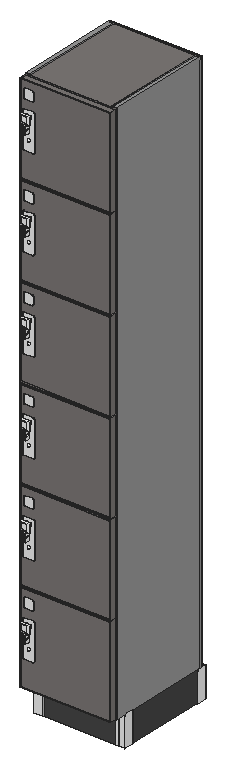
Revit family "Wood_Lockers_Hasps-Salsbury_Industries-46000_Series-1_Wide_Units", category Specialty Equipment, Revit 2024
Family settings
  Round Connector Dimension = Use Diameter
  Part Type = Normal
  OmniClass Number = 23.40.00.00
  OmniClass Title = Equipment and Furnishings
  Work Plane-Based = No
  Enable Cutting in Views = No
  Always vertical = Yes
  Cut with Voids When Loaded = No
  Maintain Annotation Orientation = No
  Shared = No
  Room Calculation Point = No
Parameters (values of type "46165")
  Width = 12.000"
  Version = "1.0 (01/31/24)"
  Unit Height including Sloping Hood Only [instance] = 77.743"
  Unit Height including Base Only [instance] = 76.000"
  URL = "www.lockers.com"
  Type Comments = "Premier Wood Lockers - Box Style - Six Tier - with Hasps"
  Total Doors Height [instance] = if(Unit Height = 72.000", 71.750", if(Unit Height = 60.000", 59.750", 0.000"))  # 71.750"
  Sloping Top Corner Filler - Right Side [instance] = Wood Locker Sloping Corner Fillers : None
  Sloping Top Corner Filler - Left Side [instance] = Wood Locker Sloping Corner Fillers : None
  Sloping In-Line Filler - Right Side [instance] = Wood Locker Sloping In-Line Fillers : None
  Sloping In-Line Filler - Left Side [instance] = Wood Locker Sloping In-Line Fillers : None
  Sloping Hood Height = if(Depth = 15.000", 5.743", if(Depth = 18.000", 6.868", if(Depth = 21.000", 7.993", if(Depth = 24.000", 9.118", 0.000"))))  # 5.743"
  Sloping Hood [instance] = Wood Locker Sloping Hoods : None
  Side Panel without Slope - Right Side [instance] = Wood Locker Side Panels-No Slope : None
  Side Panel without Slope - Left Side [instance] = Wood Locker Side Panels-No Slope : None
  Side Panel with Slope - Right Side [instance] = Wood Locker Side Panels-With Slope : None
  Side Panel with Slope - Left Side [instance] = Wood Locker Side Panels-With Slope : None
  Secondary Structure Materials = Particle Board Industrial Grade - Salsbury Finish - Black Melamine Overlay
  Primary Structure Materials = Particle Board Industrial Grade - Salsbury Finish - Plain
  Overall Unit Height including Base and Sloping Hood [instance] = 81.743"
  OmniClass 23 Title = "Equipment and Furnishings"
  OmniClass 23 Number = "23.40.00.00"
  Model = "46165"
  MasterFormat Title = "Lockers"
  MasterFormat Code = "10 51 23"
  Manufacturer = "Salsbury Industries"
  Laminate Surface [instance] = Industrial Grade Particleboard with Wood Laminate - Salsbury Finish - Skyline Walnut
  Interior Material = Textured Melamine - Salsbury Finish - White
  Individual Door Width [instance] = 11.875"
  Unit Height = 72.000"
  Individual Door Height = if(Unit Height = 72.000", 11.802", if(Unit Height = 60.000", 11.802", 0.000"))  # 11.802"
  Hardware = Aluminum - Salsbury Finish - Black Satin
  Front Vertical Filler - Right Side [instance] = Wood Locker Front Fillers : None
  Front Vertical Filler - Left Side [instance] = Wood Locker Front Fillers : None
  Front Corner Filler - Right Side [instance] = Wood Locker Front Corner Filler : None
  Front Corner Filler - Left Side [instance] = Wood Locker Front Corner Filler : None
  Flat Top In-Line Filler - Right Side [instance] = Wood Locker Flat In-Line Fillers : None
  Flat Top In-Line Filler - Left Side [instance] = Wood Locker Flat In-Line Fillers : None
  Flat Top Corner Filler - Right Side [instance] = Wood Locker Flat Corner Fillers : None
  Flat Top Corner Filler - Left Side [instance] = Wood Locker Flat Corner Fillers : None
  Fascia Filler [instance] = Wood Locker Fascia Fillers : None
  Double Side Panel without Slope - Right Side [instance] = Wood Locker Double Side Panels-No Slope : None
  Double Side Panel without Slope - Left Side [instance] = Wood Locker Double Side Panels-No Slope : None
  Double Side Panel with Slope - Right Side [instance] = Wood Locker Double Side Panels-With Slope : None
  Double Side Panel with Slope - Left Side [instance] = Wood Locker Double Side Panels-With Slope : None
  Door Location D1 = Premier Locker Doors_Hasp : Six Tier Door for Six Foot High Locker
  Description = "1 Wide - 6 Feet High - 15 inches Deep - with Base"
  Depth = 15.000"
  Default Elevation = 0.000"
  Compartment Width [instance] = 10.750"
  Compartment Height [instance] = if(Unit Height = 72.000", 11.125", if(Unit Height = 60.000", 11.100", 0.000"))  # 11.125"
  Compartment Depth [instance] = 13.750"
  Base Material = Particle Board Industrial Grade - Salsbury Finish - Black Melamine Overlay
  Base Height = 4.000"
  Base Depth [instance] = 13.250"
  Base = Wood Locker Bases : Base - 12" W x 15" D Lockers
  Assembly Code = "C1030310"
Reference planes (in)
  plane 1 "Center (Front/Back)": y = 0
  plane 2: z = 0
  plane 3 "Center (Left/Right)": x = 0
  plane 4 "Right Side of Unit": x = 6
  plane 5 "Left Side of Unit": x = -6
  plane 6 "Back of Unit": y = 7.5
  plane 7 "Front of Unit": y = -7.5
  plane 8 "Bottom of Base": z = 0
  plane 9 "Top Edge of Unit": z = 76
  plane 10 "Top of Base Edge": z = 4
  plane 11: z = 81.743
  plane 12 "Right Compartment Edge": x = 5.406
  plane 13 "Left Compartment Edge": x = -5.406
  plane 14 "Front Melamine Edge": y = -6.5
  plane 15 "Back Compartment Edge": y = 7.281
  plane 16 "Front Compartment Edge": y = -6.469
  plane 17 "Front Edge of Base": y = -5.125
  plane 18 "Bottom Edge of Door": z = 4.125
  plane 19 "Top Edge of Door": z = 75.875
  plane 20 "Bottom Compartment Edge": z = 4.75
  plane 21 "Top Compartment Edge": z = 75.25
  plane 22 "Center Top and Bottom": z = 40
  plane 23 "Left Melamine Edge": x = -5.375
  plane 24 "Right Melamine Edge": x = 5.375
  plane 25 "Back Melamine Edge": y = 7.25
  plane 26 "Left Edge of Door": x = -5.875
  plane 27: y = 8.125
  plane 28: y = -5.75
  plane 29 "Base / Ventillation Alignment": y = 8.125
  plane 30 "Compartment Shelf 5": z = 16.625
  plane 31: z = 15.875
  plane 32: z = 15.927
  plane 33: z = 16.115
  plane 34: z = 27.75
  plane 35 "Compartment Shelf 4": z = 28.5
  plane 36: z = 27.917
  plane 37: z = 28.105
  plane 38: z = 39.625
  plane 39 "Compartment Shelf 3": z = 40.375
  plane 40: z = 39.907
  plane 41: z = 40.095
  plane 42 "Compartment Shelf 2": z = 52.25
  plane 43: z = 51.5
  plane 44: z = 51.897
  plane 45: z = 52.085
  plane 46: z = 63.375
  plane 47 "Compartment Shelf 1": z = 64.125
  plane 48: z = 63.887
  plane 49: z = 64.075
Forms (in)
  Extrusion 1, solid, material "Particle Board Industrial Grade - Salsbury Finish - Plain" <- "Primary Structure Materials"
    sketch origin (6, 0, 0) x (0, -1, 0) y (0, 0, 1)
      loop
        line (6.469, 76) -> (-7.25, 76) -> (-7.25, 4) -> (6.469, 4) -> (6.469, 76)
    from 0 to 0.594
  Extrusion 2, solid, material "Particle Board Industrial Grade - Salsbury Finish - Plain" <- "Primary Structure Materials"
    sketch origin (-6, 0, 0) x (0, -1, 0) y (0, 0, 1)
      loop
        line (-7.25, 76) -> (-7.25, 4) -> (6.469, 4) -> (6.469, 76) -> (-7.25, 76)
    from 0 to -0.594
  Extrusion 3, solid, material "Textured Melamine - Salsbury Finish - White" <- "Interior Material"
    sketch origin (0, 0, 4) x (0, -1, 0) y (1, 0, 0)
      loop
        line (-7.25, -5.375) -> (6.469, -5.375) -> (6.469, 5.375) -> (-7.25, 5.375) -> (-7.25, -5.375)
    from 0 to 0.75
  Extrusion 4, solid, material "Industrial Grade Particleboard with Wood Laminate - Salsbury Finish - Skyline Walnut" <- "Laminate Surface"
    sketch origin (0.375, 0.375, 76) x (1, 0, 0) y (0, 1, 0)
      loop
        line (-5.75, -6.875) -> (5, -6.875) -> (5, 6.875) -> (-5.75, 6.875) -> (-5.75, -6.875)
    from 0 to -0.75
  Extrusion 5, solid, material "Particle Board Industrial Grade - Salsbury Finish - Plain" <- "Primary Structure Materials"
    sketch origin (0, 7.5, 0) x (1, 0, 0) y (0, 0, 1)
      loop
        line (-6, 76) -> (-6, 4) -> (6, 4) -> (6, 76) -> (-6, 76)
    from 0 to 0.219
  Extrusion 6, solid, material "Industrial Grade Particleboard with Wood Laminate - Salsbury Finish - Skyline Walnut" <- "Laminate Surface"
    sketch origin (0, -6.469, 0) x (1, 0, 0) y (0, 0, 1)
      loop
        line (-6, 76) -> (-6, 4) -> (-5.375, 4) -> (-5.375, 76) -> (-6, 76)
    from 0 to 0.031
  Extrusion 7, solid, material "Industrial Grade Particleboard with Wood Laminate - Salsbury Finish - Skyline Walnut" <- "Laminate Surface"
    sketch origin (0, -6.469, 0) x (-1, 0, 0) y (0, 0, -1)
      loop
        line (-6, -76) -> (-5.375, -76) -> (-5.375, -4) -> (-6, -4) -> (-6, -76)
    from 0 to 0.031
  Extrusion 8, solid, material "Textured Melamine - Salsbury Finish - White" <- "Interior Material"
    sketch origin (0, 7.25, 0) x (1, 0, 0) y (0, 0, 1)
      loop
        line (-6, 76) -> (-6, 4) -> (6, 4) -> (6, 76) -> (-6, 76)
    from -0.031 to 0
  Extrusion 9, solid, material "Textured Melamine - Salsbury Finish - White" <- "Interior Material"
    sketch origin (-5.406, 0, 0) x (0, -1, 0) y (0, 0, 1)
      loop
        line (-7.25, 76) -> (-7.25, 4) -> (6.469, 4) -> (6.469, 76) -> (-7.25, 76)
    from 0 to -0.031
  Extrusion 10, solid, material "Textured Melamine - Salsbury Finish - White" <- "Interior Material"
    sketch origin (5.406, 0, 0) x (0, -1, 0) y (0, 0, 1)
      loop
        line (6.469, 76) -> (-7.25, 76) -> (-7.25, 4) -> (6.469, 4) -> (6.469, 76)
    from 0 to 0.031
  Extrusion 11, solid, material "Textured Melamine - Salsbury Finish - White" <- "Interior Material", detail levels fine
    sketch origin (0, 0, 16.625) x (0, -1, 0) y (1, 0, 0)
      loop
        line (-7.25, -5.375) -> (6.469, -5.375) -> (6.469, 5.375) -> (-7.25, 5.375) -> (-7.25, -5.375)
    from 0 to -0.75
  Extrusion 12, solid, material "Textured Melamine - Salsbury Finish - White" <- "Interior Material", detail levels fine
    sketch origin (0, 0, 28.5) x (0, -1, 0) y (1, 0, 0)
      loop
        line (-7.25, -5.375) -> (6.469, -5.375) -> (6.469, 5.375) -> (-7.25, 5.375) -> (-7.25, -5.375)
    from 0 to -0.75
  Extrusion 13, solid, material "Textured Melamine - Salsbury Finish - White" <- "Interior Material", detail levels fine
    sketch origin (0, 0, 40.375) x (0, -1, 0) y (1, 0, 0)
      loop
        line (-7.25, -5.375) -> (6.469, -5.375) -> (6.469, 5.375) -> (-7.25, 5.375) -> (-7.25, -5.375)
    from 0 to -0.75
  Extrusion 14, solid, material "Textured Melamine - Salsbury Finish - White" <- "Interior Material", detail levels fine
    sketch origin (0, 0, 52.25) x (0, -1, 0) y (1, 0, 0)
      loop
        line (-7.25, -5.375) -> (6.469, -5.375) -> (6.469, 5.375) -> (-7.25, 5.375) -> (-7.25, -5.375)
    from 0 to -0.75
  Extrusion 15, solid, material "Textured Melamine - Salsbury Finish - White" <- "Interior Material", detail levels fine
    sketch origin (0, 0, 64.125) x (0, -1, 0) y (1, 0, 0)
      loop
        line (-7.25, -5.375) -> (6.469, -5.375) -> (6.469, 5.375) -> (-7.25, 5.375) -> (-7.25, -5.375)
    from 0 to -0.75
  Extrusion 16, solid, material "Industrial Grade Particleboard with Wood Laminate - Salsbury Finish - Skyline Walnut" <- "Laminate Surface"
    sketch origin (0, -6.5, 0) x (1, 0, 0) y (0, 0, 1)
      loop
        line (-5.375, 64.125) -> (-5.375, 63.375) -> (5.375, 63.375) -> (5.375, 64.125) -> (-5.375, 64.125)
    from 0 to -0.031
  Extrusion 17, solid, material "Industrial Grade Particleboard with Wood Laminate - Salsbury Finish - Skyline Walnut" <- "Laminate Surface"
    sketch origin (0, -6.5, 0) x (1, 0, 0) y (0, 0, 1)
      loop
        line (-5.375, 52.25) -> (-5.375, 51.5) -> (5.375, 51.5) -> (5.375, 52.25) -> (-5.375, 52.25)
    from 0 to -0.031
  Extrusion 18, solid, material "Industrial Grade Particleboard with Wood Laminate - Salsbury Finish - Skyline Walnut" <- "Laminate Surface"
    sketch origin (0, -6.5, 0) x (1, 0, 0) y (0, 0, 1)
      loop
        line (-5.375, 40.375) -> (-5.375, 39.625) -> (5.375, 39.625) -> (5.375, 40.375) -> (-5.375, 40.375)
    from 0 to -0.031
  Extrusion 19, solid, material "Industrial Grade Particleboard with Wood Laminate - Salsbury Finish - Skyline Walnut" <- "Laminate Surface"
    sketch origin (0, -6.5, 0) x (1, 0, 0) y (0, 0, 1)
      loop
        line (-5.375, 28.5) -> (-5.375, 27.75) -> (5.375, 27.75) -> (5.375, 28.5) -> (-5.375, 28.5)
    from 0 to -0.031
  Extrusion 20, solid, material "Industrial Grade Particleboard with Wood Laminate - Salsbury Finish - Skyline Walnut" <- "Laminate Surface"
    sketch origin (0, -6.5, 0) x (1, 0, 0) y (0, 0, 1)
      loop
        line (-5.375, 16.625) -> (-5.375, 15.875) -> (5.375, 15.875) -> (5.375, 16.625) -> (-5.375, 16.625)
    from 0 to -0.031
  Extrusion 21, solid, material "Industrial Grade Particleboard with Wood Laminate - Salsbury Finish - Skyline Walnut" <- "Laminate Surface"
    sketch origin (0, -6.5, 0) x (1, 0, 0) y (0, 0, 1)
      loop
        line (-5.375, 4.75) -> (-5.375, 4) -> (5.375, 4) -> (5.375, 4.75) -> (-5.375, 4.75)
    from 0 to -0.031
Lines and regions (in)
  symbolic lines
    curve 1: line (-6, 7.25, 76) -> (6.00006, 7.25, 76)
    curve 2: line (-6, 7.25, 0) -> (-6, 7.25, 76)
    curve 3: line (6.00006, 7.25, 76) -> (6.00006, 7.25, 0)
    curve 4: line (5.406, -6.5, 76) -> (5.406, 8.125, 76)
    curve 5: line (5.406, -6.5, 0) -> (5.406, -6.5, 76)
    curve 6: line (5.406, 8.125, 76) -> (5.406, 8.125, 0)
    curve 7: line (6.00006, 7.25, 0) -> (-6, 7.25, 0)
    curve 8: line (5.406, -5.125, 0) -> (5.406, 8.125, 0)
    curve 9: line (5.406, 8.125, 0) -> (5.406, -5.125, 0)
    curve 10: line (5.406, -6.5, 0) -> (5.406, 8.125, 0)
    curve 11: line (-6, 8.125, 0) -> (6, 8.125, 0)
    curve 12: line (-6, -6.5, 0) -> (-6, 8.125, 0)
    curve 13: line (6, -6.5, 0) -> (-6, -6.5, 0)
    curve 14: line (6, 8.125, 0) -> (6, -6.5, 0)
Dimensions and locks (in)
  equal spacing: plane 5 "Left Side of Unit", plane 3 "Center (Left/Right)", plane 4 "Right Side of Unit"
  "Width": plane 5 "Left Side of Unit" to plane 4 "Right Side of Unit"
  equal spacing: plane 7 "Front of Unit", plane 1 "Center (Front/Back)", plane 6 "Back of Unit"
  "Depth": plane 7 "Front of Unit" to plane 6 "Back of Unit"
  "Base Height": plane 10 "Top of Base Edge" to plane 8 "Bottom of Base"
  "Unit Height": plane 9 "Top Edge of Unit" to plane 10 "Top of Base Edge"
  "Sloping Hood Height": plane 11 to plane 9 "Top Edge of Unit"
  locked: plane 12 "Right Compartment Edge" to plane 4 "Right Side of Unit" at 0.594
  locked: plane 5 "Left Side of Unit" to plane 13 "Left Compartment Edge" at 0.594
  locked: plane 7 "Front of Unit" to plane 14 "Front Melamine Edge" at 1
  locked: plane 15 "Back Compartment Edge" to plane 6 "Back of Unit" at 0.219
  locked: plane 14 "Front Melamine Edge" to plane 16 "Front Compartment Edge" at 0.031
  plane 18 "Bottom Edge of Door" to plane 10 "Top of Base Edge" = 0.125"
  plane 9 "Top Edge of Unit" to plane 19 "Top Edge of Door" = 0.125"
  plane 20 "Bottom Compartment Edge" to plane 10 "Top of Base Edge" = 0.750"
  plane 9 "Top Edge of Unit" to plane 21 "Top Compartment Edge" = 0.750"
  equal spacing: plane 9 "Top Edge of Unit", plane 22 "Center Top and Bottom", plane 10 "Top of Base Edge"
  locked: plane 24 "Right Melamine Edge" to plane 12 "Right Compartment Edge" at 0.031
  locked: plane 13 "Left Compartment Edge" to plane 23 "Left Melamine Edge" at 0.031
  locked: plane 25 "Back Melamine Edge" to plane 15 "Back Compartment Edge" at 0.031
  locked: plane 5 "Left Side of Unit" to plane 26 "Left Edge of Door" at 0.125
  "Individual Door Width": plane 26 "Left Edge of Door" to plane 4 "Right Side of Unit"
  "Total Doors Height": plane 19 "Top Edge of Door" to plane 18 "Bottom Edge of Door"
  "Unit Height including Base Only": plane 9 "Top Edge of Unit" to plane 8 "Bottom of Base"
  "Unit Height including Sloping Hood Only": plane 11 to plane 10 "Top of Base Edge"
  "Overall Unit Height including Base and Sloping Hood": plane 11 to plane 8 "Bottom of Base"
  locked: plane 7 "Front of Unit" to plane 17 "Front Edge of Base" at 2.375
  locked: plane 6 "Back of Unit" to plane 27 at 0.625
  "Base Depth": plane 17 "Front Edge of Base" to plane 27
  "Compartment Width": plane 23 "Left Melamine Edge" to plane 24 "Right Melamine Edge"
  "Compartment Height": plane 31 to plane 20 "Bottom Compartment Edge"
  "Compartment Depth": plane 14 "Front Melamine Edge" to plane 25 "Back Melamine Edge"
  locked: plane 14 "Front Melamine Edge" to plane 28 at 0.75
  plane 14 "Front Melamine Edge" to plane 27 = 14.625"
  Extrusion 2 to Extrusion 9 = 13.719"
  plane 6 "Back of Unit" to plane 29 "Base / Ventillation Alignment" = 0.625"
  locked: plane 30 "Compartment Shelf 5" to plane 31 at 0.75
  locked: plane 33 to plane 32 at 0.188
  "Individual Door Height": plane 32 to plane 18 "Bottom Edge of Door"
  locked: plane 35 "Compartment Shelf 4" to plane 34 at 0.75
  locked: plane 37 to plane 36 at 0.188
  "Compartment Height": plane 34 to plane 30 "Compartment Shelf 5"
  "Individual Door Height": plane 36 to plane 33
  locked: plane 39 "Compartment Shelf 3" to plane 38 at 0.75
  locked: plane 41 to plane 40 at 0.188
  "Compartment Height": plane 38 to plane 35 "Compartment Shelf 4"
  "Individual Door Height": plane 40 to plane 37
  locked: plane 49 to plane 48 at 0.188
  locked: plane 47 "Compartment Shelf 1" to plane 46 at 0.75
  locked: plane 42 "Compartment Shelf 2" to plane 43 at 0.75
  locked: plane 45 to plane 44 at 0.188
  "Compartment Height": plane 43 to plane 39 "Compartment Shelf 3"
  "Compartment Height": plane 46 to plane 42 "Compartment Shelf 2"
  "Individual Door Height": plane 44 to plane 41
  "Individual Door Height": plane 48 to plane 45
  nested 6 to plane 20 "Bottom Compartment Edge" = 70.500"
  aligned and locked: level to plane 2
  aligned and locked: plane 15 "Back Compartment Edge" to Extrusion 5
  aligned and locked: plane 4 "Right Side of Unit" to nested 1
  aligned and locked: plane 18 "Bottom Edge of Door" to nested 1
  aligned and locked: plane 7 "Front of Unit" to nested 1
  aligned and locked: plane 9 "Top Edge of Unit" to nested 2
  aligned and locked: plane 14 "Front Melamine Edge" to nested 2
  aligned and locked: plane 5 "Left Side of Unit" to nested 3
  aligned and locked: plane 14 "Front Melamine Edge" to nested 3
  aligned and locked: plane 9 "Top Edge of Unit" to nested 3
  aligned and locked: plane 4 "Right Side of Unit" to nested 4
  aligned and locked: nested 4 to plane 9 "Top Edge of Unit"
  aligned and locked: nested 4 to plane 14 "Front Melamine Edge"
  aligned and locked: plane 9 "Top Edge of Unit" to nested 5
  aligned and locked: plane 28 to nested 5
  aligned and locked: nested 6 to plane 28
  aligned and locked: plane 5 "Left Side of Unit" to nested 6
  aligned and locked: plane 4 "Right Side of Unit" to nested 5
  aligned and locked: nested 6 to plane 9 "Top Edge of Unit"
  aligned and locked: nested 8 to plane 5 "Left Side of Unit"
  aligned and locked: nested 7 to plane 4 "Right Side of Unit"
  aligned and locked: plane 14 "Front Melamine Edge" to nested 7
  aligned and locked: nested 8 to plane 14 "Front Melamine Edge"
  aligned and locked: plane 10 "Top of Base Edge" to nested 7
  aligned and locked: nested 8 to plane 10 "Top of Base Edge"
  aligned and locked: plane 5 "Left Side of Unit" to nested 9
  aligned and locked: plane 4 "Right Side of Unit" to nested 10
  aligned and locked: nested 10 to plane 10 "Top of Base Edge"
  aligned and locked: plane 10 "Top of Base Edge" to nested 9
  aligned and locked: plane 16 "Front Compartment Edge" to nested 10
  aligned and locked: nested 9 to plane 14 "Front Melamine Edge"
  aligned and locked: plane 4 "Right Side of Unit" to nested 11
  aligned and locked: nested 11 to plane 10 "Top of Base Edge"
  aligned and locked: plane 14 "Front Melamine Edge" to nested 11
  aligned and locked: plane 14 "Front Melamine Edge" to nested 12
  aligned and locked: nested 12 to nested 4
  aligned and locked: plane 10 "Top of Base Edge" to nested 12
  aligned and locked: nested 13 to plane 5 "Left Side of Unit"
  aligned and locked: nested 13 to plane 14 "Front Melamine Edge"
  aligned and locked: nested 13 to plane 10 "Top of Base Edge"
  aligned and locked: plane 14 "Front Melamine Edge" to nested 14
  aligned and locked: nested 14 to plane 4 "Right Side of Unit"
  aligned and locked: nested 15 to plane 14 "Front Melamine Edge"
  aligned and locked: nested 15 to plane 5 "Left Side of Unit"
  aligned and locked: plane 10 "Top of Base Edge" to nested 14
  aligned and locked: nested 15 to plane 10 "Top of Base Edge"
  aligned and locked: plane 14 "Front Melamine Edge" to nested 16
  aligned and locked: plane 4 "Right Side of Unit" to nested 16
  aligned and locked: nested 17 to plane 14 "Front Melamine Edge"
  aligned and locked: plane 5 "Left Side of Unit" to nested 17
  aligned and locked: nested 16 to plane 8 "Bottom of Base"
  aligned and locked: nested 17 to plane 8 "Bottom of Base"
  aligned and locked: nested 18 to plane 5 "Left Side of Unit"
  aligned and locked: nested 19 to plane 4 "Right Side of Unit"
  aligned and locked: nested 19 to plane 14 "Front Melamine Edge"
  aligned and locked: plane 14 "Front Melamine Edge" to nested 18
  aligned and locked: plane 8 "Bottom of Base" to nested 19
  aligned and locked: nested 18 to plane 8 "Bottom of Base"
  aligned and locked: plane 17 "Front Edge of Base" to nested 20
  aligned and locked: plane 9 "Top Edge of Unit" to nested 21
  aligned and locked: plane 5 "Left Side of Unit" to nested 21
  aligned and locked: nested 22 to plane 9 "Top Edge of Unit"
  aligned and locked: plane 4 "Right Side of Unit" to nested 22
  aligned and locked: nested 22 to plane 14 "Front Melamine Edge"
  aligned and locked: nested 21 to plane 14 "Front Melamine Edge"
  aligned and locked: nested 24 to plane 9 "Top Edge of Unit"
  aligned and locked: plane 4 "Right Side of Unit" to nested 24
  aligned and locked: nested 23 to plane 9 "Top Edge of Unit"
  aligned and locked: plane 5 "Left Side of Unit" to nested 23
  aligned and locked: nested 24 to plane 28
  aligned and locked: nested 23 to plane 28
  aligned and locked: plane 14 "Front Melamine Edge" to nested 25
  aligned and locked: plane 9 "Top Edge of Unit" to nested 25
  aligned and locked: plane 8 "Bottom of Base" to nested 20
  aligned and locked: plane 3 "Center (Left/Right)" to nested 20
  aligned and locked: plane 25 "Back Melamine Edge" to Extrusion 3 sketch curve
  aligned and locked: Extrusion 3 sketch curve to plane 23 "Left Melamine Edge"
  aligned and locked: plane 24 "Right Melamine Edge" to Extrusion 3 sketch curve
  aligned and locked: Extrusion 4 to plane 9 "Top Edge of Unit"
  aligned and locked: plane 21 "Top Compartment Edge" to Extrusion 4
  aligned and locked: Extrusion 2 sketch curve to plane 9 "Top Edge of Unit"
  aligned and locked: plane 16 "Front Compartment Edge" to Extrusion 2 sketch curve
  aligned and locked: Extrusion 2 sketch curve to plane 25 "Back Melamine Edge"
  aligned and locked: plane 10 "Top of Base Edge" to Extrusion 2 sketch curve
  aligned and locked: Extrusion 2 to plane 13 "Left Compartment Edge"
  aligned and locked: plane 5 "Left Side of Unit" to Extrusion 2
  aligned and locked: plane 10 "Top of Base Edge" to Extrusion 9 sketch curve
  aligned and locked: Extrusion 9 sketch curve to plane 25 "Back Melamine Edge"
  aligned and locked: Extrusion 9 sketch curve to plane 9 "Top Edge of Unit"
  aligned and locked: Extrusion 1 sketch curve to plane 16 "Front Compartment Edge"
  aligned and locked: plane 9 "Top Edge of Unit" to Extrusion 1 sketch curve
  aligned and locked: Extrusion 1 sketch curve to plane 10 "Top of Base Edge"
  aligned and locked: plane 25 "Back Melamine Edge" to Extrusion 1 sketch curve
  aligned and locked: Extrusion 1 to plane 4 "Right Side of Unit"
  aligned and locked: plane 12 "Right Compartment Edge" to Extrusion 1
  aligned and locked: Extrusion 10 sketch curve to plane 10 "Top of Base Edge"
  aligned and locked: plane 25 "Back Melamine Edge" to Extrusion 10 sketch curve
  aligned and locked: Extrusion 10 sketch curve to plane 16 "Front Compartment Edge"
  aligned and locked: plane 9 "Top Edge of Unit" to Extrusion 10 sketch curve
  aligned and locked: Extrusion 10 to plane 12 "Right Compartment Edge"
  aligned and locked: plane 24 "Right Melamine Edge" to Extrusion 10
  aligned and locked: Extrusion 8 sketch curve to plane 10 "Top of Base Edge"
  aligned and locked: plane 4 "Right Side of Unit" to Extrusion 8 sketch curve
  aligned and locked: plane 9 "Top Edge of Unit" to Extrusion 8 sketch curve
  aligned and locked: Extrusion 8 sketch curve to plane 5 "Left Side of Unit"
  aligned and locked: Extrusion 8 to plane 15 "Back Compartment Edge"
  aligned and locked: plane 25 "Back Melamine Edge" to Extrusion 8
  aligned and locked: plane 9 "Top Edge of Unit" to Extrusion 5 sketch curve
  aligned and locked: Extrusion 5 sketch curve to plane 5 "Left Side of Unit"
  aligned and locked: Extrusion 5 sketch curve to plane 10 "Top of Base Edge"
  aligned and locked: plane 4 "Right Side of Unit" to Extrusion 5 sketch curve
  aligned and locked: Extrusion 7 sketch curve to plane 9 "Top Edge of Unit"
  aligned and locked: Extrusion 7 sketch curve to plane 4 "Right Side of Unit"
  aligned and locked: plane 24 "Right Melamine Edge" to Extrusion 7 sketch curve
  aligned and locked: plane 10 "Top of Base Edge" to Extrusion 7 sketch curve
  aligned and locked: Extrusion 7 to plane 16 "Front Compartment Edge"
  aligned and locked: plane 14 "Front Melamine Edge" to Extrusion 7
  aligned and locked: Extrusion 6 sketch curve to plane 10 "Top of Base Edge"
  aligned and locked: plane 23 "Left Melamine Edge" to Extrusion 6 sketch curve
  aligned and locked: Extrusion 6 sketch curve to plane 5 "Left Side of Unit"
  aligned and locked: plane 9 "Top Edge of Unit" to Extrusion 6 sketch curve
  aligned and locked: Extrusion 6 to plane 16 "Front Compartment Edge"
  aligned and locked: plane 14 "Front Melamine Edge" to Extrusion 6
  aligned and locked: plane 16 "Front Compartment Edge" to Extrusion 9
  aligned and locked: plane 13 "Left Compartment Edge" to Extrusion 9
  aligned and locked: nested 3 to curve 1
  aligned and locked: curve 2 to nested 17
  aligned and locked: curve 4 to nested 2
  aligned and locked: nested 16 to curve 5
  aligned and locked: curve 9 to nested 20
  aligned and locked: curve 10 to nested 16
  aligned and locked: curve 13 to plane 14 "Front Melamine Edge"
  aligned and locked: curve 12 to plane 5 "Left Side of Unit"
  aligned and locked: plane 29 "Base / Ventillation Alignment" to curve 11
  aligned and locked: plane 3 "Center (Left/Right)" to nested 2
  aligned and locked: plane 3 "Center (Left/Right)" to nested 25
  aligned and locked: plane 29 "Base / Ventillation Alignment" to curve 6
  aligned and locked: plane 25 "Back Melamine Edge" to Extrusion 11 sketch curve
  aligned and locked: Extrusion 11 sketch curve to plane 23 "Left Melamine Edge"
  aligned and locked: plane 24 "Right Melamine Edge" to Extrusion 11 sketch curve
  aligned and locked: plane 25 "Back Melamine Edge" to Extrusion 12 sketch curve
  aligned and locked: plane 24 "Right Melamine Edge" to Extrusion 12 sketch curve
  aligned and locked: Extrusion 12 sketch curve to plane 23 "Left Melamine Edge"
  aligned and locked: plane 33 to nested 26
  aligned and locked: plane 4 "Right Side of Unit" to nested 26
  aligned and locked: plane 4 "Right Side of Unit" to nested 27
  aligned and locked: plane 37 to nested 27
  aligned and locked: plane 7 "Front of Unit" to nested 27
  aligned and locked: plane 7 "Front of Unit" to nested 26
  aligned and locked: plane 25 "Back Melamine Edge" to Extrusion 13 sketch curve
  aligned and locked: plane 24 "Right Melamine Edge" to Extrusion 13 sketch curve
  aligned and locked: Extrusion 13 sketch curve to plane 23 "Left Melamine Edge"
  aligned and locked: plane 41 to nested 28
  aligned and locked: plane 4 "Right Side of Unit" to nested 28
  aligned and locked: plane 7 "Front of Unit" to nested 28
  aligned and locked: plane 25 "Back Melamine Edge" to Extrusion 14 sketch curve
  aligned and locked: plane 24 "Right Melamine Edge" to Extrusion 14 sketch curve
  aligned and locked: Extrusion 14 sketch curve to plane 23 "Left Melamine Edge"
  aligned and locked: plane 25 "Back Melamine Edge" to Extrusion 15 sketch curve
  aligned and locked: plane 24 "Right Melamine Edge" to Extrusion 15 sketch curve
  aligned and locked: Extrusion 15 sketch curve to plane 23 "Left Melamine Edge"
  aligned and locked: plane 7 "Front of Unit" to nested 30
  aligned and locked: plane 7 "Front of Unit" to nested 29
  aligned and locked: plane 45 to nested 29
  aligned and locked: plane 49 to nested 30
  aligned and locked: plane 4 "Right Side of Unit" to nested 30
  aligned and locked: plane 4 "Right Side of Unit" to nested 29
  aligned and locked: plane 14 "Front Melamine Edge" to Extrusion 4
  aligned and locked: plane 16 "Front Compartment Edge" to Extrusion 15
  aligned and locked: plane 16 "Front Compartment Edge" to Extrusion 14
  aligned and locked: plane 16 "Front Compartment Edge" to Extrusion 13
  aligned and locked: plane 16 "Front Compartment Edge" to Extrusion 12
  aligned and locked: plane 16 "Front Compartment Edge" to Extrusion 11
  aligned and locked: plane 16 "Front Compartment Edge" to Extrusion 3
  aligned and locked: Extrusion 16 sketch curve to Extrusion 15  (x4)
  aligned and locked: plane 14 "Front Melamine Edge" to Extrusion 16
  aligned and locked: Extrusion 16 to plane 16 "Front Compartment Edge"
  aligned and locked: Extrusion 17 sketch curve to Extrusion 14  (x4)
  aligned and locked: plane 14 "Front Melamine Edge" to Extrusion 17
  aligned and locked: Extrusion 17 to plane 16 "Front Compartment Edge"
  aligned and locked: Extrusion 18 sketch curve to Extrusion 13  (x4)
  aligned and locked: plane 14 "Front Melamine Edge" to Extrusion 18
  aligned and locked: Extrusion 18 to plane 16 "Front Compartment Edge"
  aligned and locked: Extrusion 19 sketch curve to Extrusion 12  (x4)
  aligned and locked: plane 14 "Front Melamine Edge" to Extrusion 19
  aligned and locked: Extrusion 19 to plane 16 "Front Compartment Edge"
  aligned and locked: Extrusion 20 sketch curve to Extrusion 11  (x4)
  aligned and locked: plane 14 "Front Melamine Edge" to Extrusion 20
  aligned and locked: Extrusion 20 to plane 16 "Front Compartment Edge"
  aligned and locked: Extrusion 21 sketch curve to Extrusion 3  (x3)
  aligned and locked: Extrusion 7 to Extrusion 21 sketch curve
  aligned and locked: plane 14 "Front Melamine Edge" to Extrusion 21
  aligned and locked: Extrusion 21 to plane 16 "Front Compartment Edge"
Automatic sketch dimensions
  Extrusion 9 sketch curve to plane 16 "Front Compartment Edge" = 0.000"
  curve 3 to level = 0.000"
  curve 3 to plane 4 "Right Side of Unit" = 0.00006"
  curve 8 to plane 17 "Front Edge of Base" = 0.000"
  curve 9 to plane 17 "Front Edge of Base" = 0.000"
  curve 13 to plane 4 "Right Side of Unit" = 0.000"
  Extrusion 4 sketch curve to plane 5 "Left Side of Unit" = 0.625"
  plane 17 "Front Edge of Base" to Extrusion 4 sketch curve = 1.375"
  plane 4 "Right Side of Unit" to Extrusion 4 sketch curve = 0.625"
  plane 25 "Back Melamine Edge" to Extrusion 4 sketch curve = 0.000"
  Extrusion 15 sketch curve to plane 14 "Front Melamine Edge" = 0.031"
  Extrusion 14 sketch curve to plane 14 "Front Melamine Edge" = 0.031"
  Extrusion 13 sketch curve to plane 14 "Front Melamine Edge" = 0.031"
  Extrusion 12 sketch curve to plane 14 "Front Melamine Edge" = 0.031"
  Extrusion 11 sketch curve to plane 14 "Front Melamine Edge" = 0.031"
  Extrusion 3 sketch curve to plane 14 "Front Melamine Edge" = 0.031"
Nested families (in)
  nested 1: "Premier Locker Doors_Hasp" at (0.0625, -7.125, 4.125), type <- "Door Location D1", type "Six Tier Door for Six Foot High Locker"
  nested 2: "Wood Locker Sloping Hoods" at (0, 0.8125, 76), type <- "Sloping Hood", type "None"
  nested 3: "Wood Locker Sloping Corner Fillers" at (-15.25, 0.5, 76), type <- "Sloping Top Corner Filler - Left Side", type "None"
  nested 4: "Wood Locker Sloping Corner Fillers" at (15.25, 0.5, 76) x (-1, 0, 0) z (0, 0, 1), type <- "Sloping Top Corner Filler - Right Side", type "None"
  nested 5: "Wood Locker Flat Corner Fillers" at (13.5, -2.125, 75.25), type <- "Flat Top Corner Filler - Right Side", type "None"
  nested 6: "Wood Locker Flat Corner Fillers" at (-13.5, -2.125, 75.25) x (-1, 0, 0) z (0, 0, 1), type <- "Flat Top Corner Filler - Left Side", type "None"
  nested 7: "Wood Locker Side Panels-No Slope" at (6.375, 0.5, 4) x (0, 1, 0) z (0, 0, 1), type <- "Side Panel without Slope - Right Side", type "None"
  nested 8: "Wood Locker Side Panels-No Slope" at (-6.375, 0.5, 4) x (0, 1, 0) z (0, 0, 1), type <- "Side Panel without Slope - Left Side", type "None"
  nested 9: "Wood Locker Side Panels-With Slope" at (-6.375, 0.5, 4) x (0, -1, 0) z (0, 0, 1), type <- "Side Panel with Slope - Left Side", type "None"
  nested 10: "Wood Locker Side Panels-With Slope" at (6.375, 0.531, 4) x (0, -1, 0) z (0, 0, 1), type <- "Side Panel with Slope - Right Side", type "None"
  nested 11: "Wood Locker Side Panels-With Slope" at (6.375, 0.5, 4) x (0, -1, 0) z (0, 0, 1), type <- "Side Panel with Slope - Right Side", type "None"
  nested 12: "Wood Locker Double Side Panels-No Slope" at (6.375, 0.5, 4) x (0, 1, 0) z (0, 0, 1), type <- "Double Side Panel without Slope - Right Side", type "None"
  nested 13: "Wood Locker Double Side Panels-No Slope" at (-6.375, 0.5, 4) x (0, 1, 0) z (0, 0, 1), type <- "Double Side Panel without Slope - Left Side", type "None"
  nested 14: "Wood Locker Double Side Panels-With Slope" at (6.375, 0.5, 4) x (0, 1, 0) z (0, 0, 1), type <- "Double Side Panel with Slope - Right Side", type "None"
  nested 15: "Wood Locker Double Side Panels-With Slope" at (-6.375, 0.5, 4) x (0, 1, 0) z (0, 0, 1), type <- "Double Side Panel with Slope - Left Side", type "None"
  nested 16: "Wood Locker Front Fillers" at (13.5, -6.125, 0), type <- "Front Vertical Filler - Right Side", type "None"
  nested 17: "Wood Locker Front Fillers" at (-13.5, -6.125, 0) x (-1, 0, 0) z (0, 0, 1), type <- "Front Vertical Filler - Left Side", type "None"
  nested 18: "Wood Locker Front Corner Filler" at (-7.125, -6.125, 0), type <- "Front Corner Filler - Left Side", type "None"
  nested 19: "Wood Locker Front Corner Filler" at (7.125, -6.125, 0) x (-1, 0, 0) z (0, 0, 1), type <- "Front Corner Filler - Right Side", type "None"
  nested 20: "Wood Locker Bases" at (0, 1.5, 0), type <- "Base", type "Base - 12" W x 15" D Lockers"
  nested 21: "Wood Locker Sloping In-Line Fillers" at (-12, 0.5, 76), type <- "Sloping In-Line Filler - Left Side", type "None"
  nested 22: "Wood Locker Sloping In-Line Fillers" at (12, 0.5, 76) x (-1, 0, 0) z (0, 0, 1), type <- "Sloping In-Line Filler - Right Side", type "None"
  nested 23: "Wood Locker Flat In-Line Fillers" at (-13.5, 0.875, 75.25), type <- "Flat Top In-Line Filler - Left Side", type "None"
  nested 24: "Wood Locker Flat In-Line Fillers" at (13.5, 0.875, 75.25) x (-1, 0, 0) z (0, 0, 1), type <- "Flat Top In-Line Filler - Right Side", type "None"
  nested 25: "Wood Locker Fascia Fillers" at (0, -6.125, 76), type <- "Fascia Filler", type "None"
  nested 26: "Premier Locker Doors_Hasp" at (0.0625, -7.125, 16.115), type <- "Door Location D1", type "Six Tier Door for Six Foot High Locker"
  nested 27: "Premier Locker Doors_Hasp" at (0.0625, -7.125, 28.105), type <- "Door Location D1", type "Six Tier Door for Six Foot High Locker"
  nested 28: "Premier Locker Doors_Hasp" at (0.0625, -7.125, 40.095), type <- "Door Location D1", type "Six Tier Door for Six Foot High Locker"
  nested 29: "Premier Locker Doors_Hasp" at (0.0625, -7.125, 52.085), type <- "Door Location D1", type "Six Tier Door for Six Foot High Locker"
  nested 30: "Premier Locker Doors_Hasp" at (0.0625, -7.125, 64.075), type <- "Door Location D1", type "Six Tier Door for Six Foot High Locker"
Definition of nested family "Premier Locker Doors_Hasp"
  Parameters (values of type "Single Tier Door for Six Foot High Locker")
    Width = 11.875"
    Visible Number Plates = yes
    Visible Center Hinge = yes
    Primary Structure Materials = none
    Number Tag-Vertical Offset = 31.625"
    Number Tag-Horizontal Offset = 10.750"
    Number Tag Width = 1.250"
    Number Tag Height = 1.250"
    Model = "Premier Locker Doors"
    Manufacturer = "Salsbury Industries"
    Lock Width = 1.500"
    Lock Height = 4.875"
    Laminate Surface = none
    Height = 71.750"
    Lock Vertical Offset = 35.875"
    Lock Horizontal Offset = 0.375"
    Door Trim = none
    Door Hasps = none
    Depth = 0.750"
    Default Elevation = 48.000"
  Types (8): name | Visible Center Hinge | Number Tag-Vertical Offset | Height | Lock Vertical Offset
    Single Tier Door for Six Foot High Locker | yes | 31.625" | 71.750" | 35.875"
    Double Tier Door-1 for Six Foot High Locker | no | 27.641" | 35.781" | 31.891"
    Double Tier Door-2 for Six Foot High Locker | yes | 2.078" | 35.781" | 6.328"
    Triple Tier Door-1 for Six Foot High Locker | no | 15.651" | 23.791" | 19.901"
    Triple Tier Door-2 for Six Foot High Locker | no | 7.646" | 23.791" | 11.896"
    Triple Tier Door-3 for Six Foot High Locker | no | 2.078" | 23.791" | 6.328"
    Four Tier Door for Six Foot High Locker | no | 4.647" | 17.796" | 8.897"
    Six Tier Door for Six Foot High Locker | no | 1.650" | 11.801" | 5.900"
  Reference planes (in)
    plane 1 "Center (Front/Back)": y = 0
    plane 2: z = 0
    plane 3 "Center (Left/Right)": x = 0
    plane 4 "Left Side of Door": x = -5.9375
    plane 5 "Right Side of Door": x = 5.9375
    plane 6 "Back of Door": y = 0.375
    plane 7 "Front of Door": y = -0.375
    plane 8 "Bottom of Door": z = 0
    plane 9 "Top of Door": z = 71.75
    plane 10 "Center of Door": z = 35.875
    plane 11 "Top of Number Tag": z = 40.75
    plane 12 "Bottom of Number Tag": z = 39.5
    plane 13 "Left Side of Number Tag": x = -5.4375
    plane 14 "Right Side of Number Tag": x = -4.1875
    plane 15 "Horizontal Center of Number Tag": x = -4.8125
    plane 16 "Center of Number Tag": z = 40.125
    plane 17 "Left Side of Lock": x = -5.5625
    plane 18 "Right Side of Lock": x = -4.0625
    plane 19 "Lock Vertical Center": z = 35.875
    plane 20 "Top of Lock": z = 38.3125
    plane 21 "Bottom of Lock": z = 33.4375
    plane 22 "Front of Hasp Stud": y = -0.5
    plane 23 "Left Side of Door-Right Side of Trim": x = -5.8125
    plane 24 "Right Side of Door-Left Side of Trim": x = 5.8125
    plane 25 "Top of Door-Bottom of Trim": z = 71.625
    plane 26 "Bottom of Door-Top of Trim": z = 0.125
    plane 27 "Laminate-Particleboard Line": y = -0.344
    plane 28 "Melamine-Particleboard Line": y = 0.344
    plane 29 "Back of Number Plate Inset": y = -0.313
    plane 30 "Center of Lock": x = -4.8125
    plane 31: y = -0.188
    plane 32 "Door Stopper Plane": y = 0.625
    plane 33: x = -5.4875
    plane 34: z = 71.3
    plane 35 "Top Hinge": z = 68.75
    plane 36: x = 5.3125
    plane 37 "Bottom Hinge": z = 3
    plane 38 "Inner Knob": y = -1.094
    plane 39 "Front of Knob": y = -1.125
    plane 40: z = 37.1875
    plane 41: z = 34.5625
    plane 42: z = 38.1875
    plane 43: x = -4.1875
    plane 44: x = -5.4375
    plane 45: z = 36.9375
    plane 46 "Top of Hole": z = 36.8125
    plane 47: x = -4.6245
    plane 48: x = -5.0005
    plane 49 "Bottom of Hole": z = 35.5625
    plane 50 "Stud Alignment": z = 34.8125
    plane 51 "Center of Handle": z = 37.5625
    plane 52: z = 37.7505
    plane 53: z = 37.3745
    plane 54: z = 37.96546
    plane 55: z = 37.15954
    plane 56 "Front of Latch": y = -1
    plane 57: z = 36.6844
    plane 58: z = 35.6844
    plane 59: z = 36.1844
    plane 60: x = 5.3435
    plane 61: z = 36.6245
    plane 62: z = 35.74816
  Forms (in)
    Extrusion 1, solid, detail levels fine
      sketch origin (0, 0, 0) x (1, 0, 0) y (0, 0, 1)
        loop
          line (-5.9065, 0.031) -> (5.9065, 0.031) -> (5.9065, 71.719) -> (-5.9065, 71.719) -> (-5.9065, 0.031)
      from -0.344 to 0.344
    Extrusion 2, solid, material <- "Laminate Surface", detail levels fine
      sketch origin (0, 0.375, 0) x (1, 0, 0) y (0, 0, 1)
        loop
          line (-5.9065, 0.031) -> (5.9065, 0.031) -> (5.9065, 71.719) -> (-5.9065, 71.719) -> (-5.9065, 0.031)
      from 0.031 to 0
    Extrusion 3, solid, material <- "Laminate Surface"
      sketch origin (0, -0.375, 0) x (1, 0, 0) y (0, 0, 1)
        loop
          line (-5.9065, 0.031) -> (5.9065, 0.031) -> (5.9065, 71.719) -> (-5.9065, 71.719) -> (-5.9065, 0.031)
      from 0 to -0.031
    Sweep 4, solid, material <- "Door Trim"
      path origin (0, 0, 0) x (1, 0, 0) y (0, 0, 1)
        loop
          line (5.8125, 71.625) -> (-5.8125, 71.625) -> (-5.8125, 0.125) -> (5.8125, 0.125) -> (5.8125, 71.625)
      profile origin (0, 0, 71.625) x (0, 0, -1) y (0, -1, 0)
        loop
          line (-0.125, 0.375) -> (-0.125, -0.375) -> (-0.094, -0.375) -> (-0.094, 0.375) -> (-0.125, 0.375)
    Extrusion 5, void
      sketch origin (-1.875, -0.313, 0) x (1, 0, 0) y (0, 0, 1)
        loop
          arc (-3.41334, 40.75) -> (-3.51881, 40.70631) -> (-3.5625, 40.60084) r 0.14916
          line (-3.5625, 40.60084) -> (-3.5625, 39.64916)
          arc (-3.5625, 39.64916) -> (-3.51881, 39.54369) -> (-3.41334, 39.5) r 0.14916
          line (-3.41334, 39.5) -> (-2.46166, 39.5)
          arc (-2.46166, 39.5) -> (-2.35619, 39.54369) -> (-2.3125, 39.64916) r 0.14916
          line (-2.3125, 39.64916) -> (-2.3125, 40.60084)
          arc (-2.3125, 40.60084) -> (-2.35619, 40.70631) -> (-2.46166, 40.75) r 0.14916
          line (-2.46166, 40.75) -> (-3.41334, 40.75)
      from 0 to 0.062
    Extrusion 6, solid, visible <- "Visible Number Plates", detail levels medium+fine
      sketch origin (-1.875, -0.375, 0) x (1, 0, 0) y (0, 0, 1)
        loop
          arc (-3.41334, 40.75) -> (-3.51881, 40.70631) -> (-3.5625, 40.60084) r 0.14916
          line (-3.5625, 40.60084) -> (-3.5625, 39.64916)
          arc (-3.5625, 39.64916) -> (-3.51881, 39.54369) -> (-3.41334, 39.5) r 0.14916
          line (-3.41334, 39.5) -> (-2.46166, 39.5)
          arc (-2.46166, 39.5) -> (-2.35619, 39.54369) -> (-2.3125, 39.64916) r 0.14916
          line (-2.3125, 39.64916) -> (-2.3125, 40.60084)
          arc (-2.3125, 40.60084) -> (-2.35619, 40.70631) -> (-2.46166, 40.75) r 0.14916
          line (-2.46166, 40.75) -> (-3.41334, 40.75)
      from -0.062 to 0
    Extrusion 7, solid, detail levels medium+fine
      sketch origin (0, 0.375, 0) x (1, 0, 0) y (0, 0, 1)
        loop
          circle (-5.4875, 71.3) r 0.25
      from 0 to -0.25
    Extrusion 8, solid, detail levels medium+fine
      sketch origin (0, 0.375, 0) x (1, 0, 0) y (0, 0, 1)
        loop
          line (5.3125, 68.5) -> (5.3125, 69) -> (4.8125, 69) -> (4.8125, 68.5) -> (5.3125, 68.5)
      from 0 to -0.25
    Extrusion 9, solid, detail levels medium+fine
      sketch origin (0, 0.375, -0.25) x (1, 0, 0) y (0, 0, 1)
        loop
          line (5.3125, 3) -> (5.3125, 3.5) -> (4.8125, 3.5) -> (4.8125, 3) -> (5.3125, 3)
      from 0 to -0.25
    Extrusion 10, solid, visible <- "Visible Center Hinge", detail levels medium+fine
      sketch origin (0, 0.375, -0.25) x (1, 0, 0) y (0, 0, 1)
        loop
          line (5.3125, 35.875) -> (5.3125, 36.375) -> (4.8125, 36.375) -> (4.8125, 35.875) -> (5.3125, 35.875)
      from 0 to -0.25
    Extrusion 11, void
      sketch origin (-1.875, -0.375, 0) x (1, 0, 0) y (0, 0, 1)
        loop
          arc (-3.5625, 38.3125) -> (-3.65089, 38.27589) -> (-3.6875, 38.1875) r 0.125
          line (-3.6875, 38.1875) -> (-3.6875, 33.5625)
          arc (-3.6875, 33.5625) -> (-3.65089, 33.47411) -> (-3.5625, 33.4375) r 0.125
          line (-3.5625, 33.4375) -> (-2.3125, 33.4375)
          arc (-2.3125, 33.4375) -> (-2.22411, 33.47411) -> (-2.1875, 33.5625) r 0.125
          line (-2.1875, 33.5625) -> (-2.1875, 38.1875)
          arc (-2.1875, 38.1875) -> (-2.22411, 38.27589) -> (-2.3125, 38.3125) r 0.125
          line (-2.3125, 38.3125) -> (-3.5625, 38.3125)
      from -0.062 to 0
    Extrusion 12, solid
      sketch origin (-1.875, -0.375, 0) x (1, 0, 0) y (0, 0, 1)
        loop
          line (-2.3125, 38.3125) -> (-3.5625, 38.3125)
          arc (-3.5625, 38.3125) -> (-3.65089, 38.27589) -> (-3.6875, 38.1875) r 0.125
          line (-3.6875, 38.1875) -> (-3.6875, 33.5625)
          arc (-3.6875, 33.5625) -> (-3.65089, 33.47411) -> (-3.5625, 33.4375) r 0.125
          line (-3.5625, 33.4375) -> (-2.3125, 33.4375)
          arc (-2.3125, 33.4375) -> (-2.22411, 33.47411) -> (-2.1875, 33.5625) r 0.125
          line (-2.1875, 33.5625) -> (-2.1875, 38.1875)
          arc (-2.1875, 38.1875) -> (-2.22411, 38.27589) -> (-2.3125, 38.3125) r 0.125
      from 0 to -0.062
    Extrusion 13, void
      sketch origin (-1.875, -0.375, 0) x (1, 0, 0) y (0, 0, 1)
        loop
          line (-3.1255, 36.6245) -> (-3.1255, 35.74816)
          arc (-3.1255, 35.74816) -> (-2.9375, 35.56016) -> (-2.7495, 35.74816) r 0.188
          line (-2.7495, 35.74816) -> (-2.7495, 36.6245)
          arc (-2.7495, 36.6245) -> (-2.9375, 36.8125) -> (-3.1255, 36.6245) r 0.188
      from 0 to -0.75
    Sweep 14, solid, detail levels medium+fine
      path origin (-1.875, -0.375, 0) x (1, 0, 0) y (0, 0, 1)
        loop
          circle (-2.9375, 34.8125) r 0.01
      profile origin (-4.8125, -0.375, 34.8225) x (0, 0, -1) y (0, -1, 0)
        loop
          line (0, 0) -> (0, 0.125)
          arc (0, 0.125) -> (-0.10032, 0.09036) -> (-0.156, 0) r 0.15776
          line (-0.156, 0) -> (0, 0)
    Extrusion 15, solid, detail levels medium+fine
      sketch origin (-1.875, -0.375, 0) x (1, 0, 0) y (0, 0, 1)
        loop
          circle (-2.9375, 34.8125) r 0.01
      from 0 to 0.125
    Sweep 16, solid
      path origin (-1.875, -0.375, 0) x (1, 0, 0) y (0, 0, 1)
        loop
          line (-3.5625, 38.1875) -> (-3.5625, 36.9375) -> (-2.3125, 36.9375) -> (-2.3125, 38.1875) -> (-3.5625, 38.1875)
      profile origin (-4.8125, -0.375, 38.1875) x (0, 0, 1) y (0, -1, 0)
        loop
          line (-0.38067, 0) -> (-0.38067, 0.24142)
          arc (-0.38067, 0.24142) -> (-0.34525, 0.34191) -> (-0.25465, 0.39797) r 0.16024
          arc (-0.25465, 0.39797) -> (-0.10494, 0.46941) -> (0, 0.59789) r 0.37946
          spline (0, 0.59789) -> (-0.00179, 0.61485) -> (-0.00715, 0.6316) -> (-0.01601, 0.64793) -> (-0.02825, 0.66364) -> (-0.04373, 0.67852) -> (-0.06225, 0.6924) -> (-0.08358, 0.7051) -> (-0.10745, 0.71647) -> (-0.13357, 0.72635) -> (-0.16161, 0.73463) -> (-0.19123, 0.74121) -> (-0.22204, 0.746)
          arc (-0.22204, 0.746) -> (-0.31051, 0.60028) -> (-0.42829, 0.47704) r 0.78682
          arc (-0.42829, 0.47704) -> (-0.50625, 0.37521) -> (-0.53396, 0.25) r 0.29673
          line (-0.53396, 0.25) -> (-0.53396, 0) -> (-0.38067, 0)
    Blend 17, solid
      base sketch origin (-1.875, -1.125, 0) x (0, 0, -1) y (-1, 0, 0)
        loop
          line (-37.96546, 3.34046) -> (-37.96546, 2.53454) -> (-37.15954, 2.53454) -> (-37.15954, 3.34046) -> (-37.96546, 3.34046)
      top sketch origin (-1.875, -1.125, 0) x (0, 0, -1) y (-1, 0, 0)
        loop
          line (-37.93279, 3.30777) -> (-37.93279, 2.56715) -> (-37.19211, 2.56715) -> (-37.19211, 3.30777) -> (-37.93279, 3.30777)
      from 0 to 0.031
    Extrusion 18, solid
      sketch origin (-4.8125, 0, 0) x (0, 0, -1) y (0, -1, 0)
        loop
          line (-35.6844, 1) -> (-36.6844, 1) -> (-36.6844, -0.375) -> (-35.6844, -0.375) -> (-35.6844, 1)
      from -0.063 to 0.063
    Extrusion 19, void
      sketch origin (-4.8125, 35.51803, 36.85077) x (0, 1, 0) y (0, 0, -1)
        loop
          circle (-36.1844, 0.66637) r 0.25
      from -0.063 to 0.063
  Cuts and joins
    Extrusion 5, Extrusion 13 cuts Extrusion 1
    Extrusion 5, Extrusion 11 cuts Extrusion 3
    Extrusion 13 cuts Extrusion 12
    Extrusion 13 cuts Extrusion 2
    Extrusion 19 cuts Extrusion 18
  Lines and regions (in)
    symbolic lines
      curve 1: line (-5.9375, 0.375, 0) -> (5.9375, 0.375, 0)
      curve 2: line (5.9375, 0.375, 0) -> (5.9375, 0.375, 71.75)
      curve 3: line (5.9375, 0.375, 71.75) -> (-5.9375, 0.375, 71.75)
      curve 4: line (-5.9375, 0.375, 71.75) -> (-5.9375, 0.375, 0)
      curve 5: line (-5.9375, 0.375, 71.625) -> (5.9375, 0.375, 71.625)
      curve 6: line (-5.9375, -0.375, 71.625) -> (-5.9375, 0.375, 71.625)
      curve 7: line (5.9375, -0.375, 71.625) -> (-5.9375, -0.375, 71.625)
      curve 8: line (5.9375, 0.375, 71.625) -> (5.9375, -0.375, 71.625)
      curve 9: line (5.3125, 0.375, 71.625) -> (5.3125, 0.625, 71.625)
      curve 10: line (5.3125, 0.625, 71.625) -> (4.8125, 0.625, 71.625)
      curve 11: line (4.8125, 0.625, 71.625) -> (4.8125, 0.375, 71.625)
      curve 12: line (-5.73713, 0.375, 71.625) -> (-5.73713, 0.625, 71.625)
      curve 13: line (-5.2375, 0.375, 71.625) -> (-5.2375, 0.625, 71.625)
      curve 14: line (-5.2375, 0.625, 71.625) -> (-5.73713, 0.625, 71.625)
      curve 15: line (-4.8125, -0.375, 71.75) -> (-4.8125, 0.375, 71.75)
      curve 16: line (-4.8125, -0.375, 0) -> (-4.8125, -0.375, 71.75)
      curve 17: line (-4.8125, 0.375, 0) -> (-4.8125, -0.375, 0)
      curve 18: line (-4.8125, 0.375, 71.75) -> (-4.8125, 0.375, 0)
      curve 19: line (-4.8125, 0.375, 69) -> (-4.8125, 0.625, 69)
      curve 20: line (-4.8125, 0.625, 69) -> (-4.8125, 0.625, 68.5)
      curve 21: line (-4.8125, 0.625, 68.5) -> (-4.8125, 0.375, 68.5)
      curve 22: line (-4.8125, 0.375, 3.25) -> (-4.8125, 0.625, 3.25)
      curve 23: line (-4.8125, 0.625, 3.25) -> (-4.8125, 0.625, 2.75)
      curve 24: line (-4.8125, 0.625, 2.75) -> (-4.8125, 0.375, 2.75)
      curve 25: line (-4.8125, 0.375, 36.125) -> (-4.8125, 0.625, 36.125)
      curve 26: line (-4.8125, 0.625, 36.125) -> (-4.8125, 0.625, 35.625)
      curve 27: line (-4.8125, 0.625, 35.625) -> (-4.8125, 0.375, 35.625)
      curve 28: line (-5.5625, -0.375, 71.625) -> (-4.0625, -0.375, 71.625)
      curve 29: line (-5.4375, -1.125, 38.3125) -> (-4.1875, -1.125, 38.3125)
      curve 30: arc (-4.0625, -1.125, 38.1875) -> (-4.09911, -1.125, 38.27589) -> (-4.1875, -1.125, 38.3125) r 0.125
      curve 31: arc (-5.4375, -1.125, 38.3125) -> (-5.52589, -1.125, 38.27589) -> (-5.5625, -1.125, 38.1875) r 0.125
      curve 32: line (-5.5625, -1.125, 33.5625) -> (-5.5625, -1.125, 38.1875)
      curve 33: line (-4.0625, -1.125, 38.1875) -> (-4.0625, -1.125, 33.5625)
      curve 34: arc (-4.1875, -1.125, 33.4375) -> (-4.09911, -1.125, 33.47411) -> (-4.0625, -1.125, 33.5625) r 0.125
      curve 35: arc (-5.5625, -1.125, 33.5625) -> (-5.52589, -1.125, 33.47411) -> (-5.4375, -1.125, 33.4375) r 0.125
      curve 36: line (-4.1875, -1.125, 33.4375) -> (-5.4375, -1.125, 33.4375)
      curve 37: arc (-4.6245, -1.125, 36.6245) -> (-4.8125, -1.125, 36.8125) -> (-5.0005, -1.125, 36.6245) r 0.188
      curve 38: arc (-5.0005, -1.125, 35.7505) -> (-4.8125, -1.125, 35.5625) -> (-4.6245, -1.125, 35.7505) r 0.188
      curve 39: line (-4.6245, -1.125, 36.6245) -> (-4.6245, -1.125, 35.7505)
      curve 40: line (-5.0005, -1.125, 35.7505) -> (-5.0005, -1.125, 36.6245)
      curve 41: line (-4.1875, -1.125, 36.9375) -> (-5.4375, -1.125, 36.9375)
      curve 42: line (-4.1875, -1.125, 38.1875) -> (-4.1875, -1.125, 36.9375)
      curve 43: line (-5.4375, -1.125, 36.9375) -> (-5.4375, -1.125, 38.1875)
      curve 44: line (-5.4375, -1.125, 38.1875) -> (-4.1875, -1.125, 38.1875)
      curve 45: line (-4.8755, -1.125, 36.6844) -> (-4.7495, -1.125, 36.6844)
      curve 46: line (-4.7495, -1.125, 36.6844) -> (-4.7495, -1.125, 35.6844)
      curve 47: line (-4.8755, -1.125, 35.6844) -> (-4.8755, -1.125, 36.6844)
      curve 48: line (-4.7495, -1.125, 35.6844) -> (-4.8755, -1.125, 35.6844)
      curve 49: line (-4.8125, -1, 36.6844) -> (-4.8125, -0.375, 36.6844)
      curve 50: line (-4.8125, -1, 35.6844) -> (-4.8125, -1, 36.6844)
      curve 51: line (-4.8125, -0.375, 35.6844) -> (-4.8125, -1, 35.6844)
      curve 52: arc (-4.8125, -0.91637, 36.1844) -> (-4.8125, -0.66637, 36.4344) -> (-4.8125, -0.41637, 36.1844) r 0.25
      curve 53: arc (-4.8125, -0.41637, 36.1844) -> (-4.8125, -0.66637, 35.9344) -> (-4.8125, -0.91637, 36.1844) r 0.25
      curve 54: line (-4.8125, -0.375, 37.31817) -> (-4.8125, -0.61642, 37.31817)
      curve 55: arc (-4.8125, -0.77297, 37.19215) -> (-4.8125, -0.71691, 37.28275) -> (-4.8125, -0.61642, 37.31817) r 0.16024
      curve 56: arc (-4.8125, -0.97289, 36.9375) -> (-4.8125, -0.84441, 37.04244) -> (-4.8125, -0.77297, 37.19215) r 0.37946
      curve 57: spline (-4.8125, -1.121, 37.15954) -> (-4.8125, -1.11621, 37.12873) -> (-4.8125, -1.10963, 37.09911) -> (-4.8125, -1.10135, 37.07107) -> (-4.8125, -1.09147, 37.04495) -> (-4.8125, -1.0801, 37.02108) -> (-4.8125, -1.0674, 36.99975) -> (-4.8125, -1.05352, 36.98123) -> (-4.8125, -1.03864, 36.96575) -> (-4.8125, -1.02293, 36.95351) -> (-4.8125, -1.0066, 36.94465) -> (-4.8125, -0.98985, 36.93929) -> (-4.8125, -0.97289, 36.9375)
      curve 58: line (-4.8125, -1.125, 37.15954) -> (-4.8125, -1.125, 37.96546)
      curve 59: spline (-4.8125, -1.121, 37.96546) -> (-4.8125, -1.11621, 37.99627) -> (-4.8125, -1.10963, 38.02589) -> (-4.8125, -1.10135, 38.05393) -> (-4.8125, -1.09147, 38.08005) -> (-4.8125, -1.0801, 38.10392) -> (-4.8125, -1.0674, 38.12525) -> (-4.8125, -1.05352, 38.14377) -> (-4.8125, -1.03864, 38.15925) -> (-4.8125, -1.02293, 38.17149) -> (-4.8125, -1.0066, 38.18035) -> (-4.8125, -0.98985, 38.18571) -> (-4.8125, -0.97289, 38.1875)
      curve 60: arc (-4.8125, -0.97289, 38.1875) -> (-4.8125, -0.84441, 38.08256) -> (-4.8125, -0.77297, 37.93285) r 0.37946
      curve 61: arc (-4.8125, -0.77297, 37.93285) -> (-4.8125, -0.71691, 37.84225) -> (-4.8125, -0.61642, 37.80683) r 0.16024
      curve 62: line (-4.8125, -0.61642, 37.80683) -> (-4.8125, -0.375, 37.80683)
      curve 63: line (-5.05683, -0.61642, 71.625) -> (-5.05683, -0.375, 71.625)
      curve 64: arc (-5.18285, -0.77297, 71.625) -> (-5.09225, -0.71691, 71.625) -> (-5.05683, -0.61642, 71.625) r 0.16024
      curve 65: arc (-5.4375, -0.97289, 71.625) -> (-5.33256, -0.84441, 71.625) -> (-5.18285, -0.77297, 71.625) r 0.37946
      curve 66: line (-4.40954, -1.125, 71.625) -> (-5.21546, -1.125, 71.625)
      curve 67: spline (-4.40954, -1.121, 71.625) -> (-4.37873, -1.11621, 71.625) -> (-4.34911, -1.10963, 71.625) -> (-4.32107, -1.10135, 71.625) -> (-4.29495, -1.09147, 71.625) -> (-4.27108, -1.0801, 71.625) -> (-4.24975, -1.0674, 71.625) -> (-4.23123, -1.05352, 71.625) -> (-4.21575, -1.03864, 71.625) -> (-4.20351, -1.02293, 71.625) -> (-4.19465, -1.0066, 71.625) -> (-4.18929, -0.98985, 71.625) -> (-4.1875, -0.97289, 71.625)
      curve 68: arc (-4.1875, -0.97289, 71.625) -> (-4.29244, -0.84441, 71.625) -> (-4.44215, -0.77297, 71.625) r 0.37946
      curve 69: arc (-4.44215, -0.77297, 71.625) -> (-4.53275, -0.71691, 71.625) -> (-4.56817, -0.61642, 71.625) r 0.16024
      curve 70: line (-4.56817, -0.375, 71.625) -> (-4.56817, -0.61642, 71.625)
      curve 71: spline (-5.21546, -1.121, 71.625) -> (-5.24627, -1.11621, 71.625) -> (-5.27589, -1.10963, 71.625) -> (-5.30393, -1.10135, 71.625) -> (-5.33005, -1.09147, 71.625) -> (-5.35392, -1.0801, 71.625) -> (-5.37525, -1.0674, 71.625) -> (-5.39377, -1.05352, 71.625) -> (-5.40925, -1.03864, 71.625) -> (-5.42149, -1.02293, 71.625) -> (-5.43035, -1.0066, 71.625) -> (-5.43571, -0.98985, 71.625) -> (-5.4375, -0.97289, 71.625)
    reference lines
      curve 72: line (-5.9375, 0, 71.75) -> (5.3435, 0, 71.75)
      curve 73: line (5.3435, 0, 71.75) -> (-5.9375, 0, 71.75)
  Dimensions and locks (in)
    equal spacing: plane 4 "Left Side of Door", plane 3 "Center (Left/Right)", plane 5 "Right Side of Door"
    "Width": plane 4 "Left Side of Door" to plane 5 "Right Side of Door"
    equal spacing: plane 7 "Front of Door", plane 1 "Center (Front/Back)", plane 6 "Back of Door"
    "Depth": plane 7 "Front of Door" to plane 6 "Back of Door"
    equal spacing: plane 9 "Top of Door", plane 10 "Center of Door", plane 8 "Bottom of Door"
    "Height": plane 9 "Top of Door" to plane 8 "Bottom of Door"
    equal spacing: plane 11 "Top of Number Tag", plane 16 "Center of Number Tag", plane 12 "Bottom of Number Tag"
    "Number Tag Height": plane 11 "Top of Number Tag" to plane 12 "Bottom of Number Tag"
    equal spacing: plane 14 "Right Side of Number Tag", plane 15 "Horizontal Center of Number Tag", plane 13 "Left Side of Number Tag"
    "Number Tag Width": plane 14 "Right Side of Number Tag" to plane 13 "Left Side of Number Tag"
    "Number Tag-Horizontal Offset": plane 15 "Horizontal Center of Number Tag" to plane 5 "Right Side of Door"
    "Number Tag-Vertical Offset": plane 9 "Top of Door" to plane 16 "Center of Number Tag"
    "Lock Horizontal Offset": plane 4 "Left Side of Door" to plane 17 "Left Side of Lock"
    equal spacing: plane 20 "Top of Lock", plane 19 "Lock Vertical Center", plane 21 "Bottom of Lock"
    "Lock Height": plane 20 "Top of Lock" to plane 21 "Bottom of Lock"
    "Lock Vertical Offset": plane 9 "Top of Door" to plane 19 "Lock Vertical Center"
    plane 22 "Front of Hasp Stud" to plane 7 "Front of Door" = 0.125"
    locked: plane 24 "Right Side of Door-Left Side of Trim" to plane 5 "Right Side of Door" at 0.125
    locked: plane 4 "Left Side of Door" to plane 23 "Left Side of Door-Right Side of Trim" at 0.125
    locked: plane 9 "Top of Door" to plane 25 "Top of Door-Bottom of Trim" at 0.125
    plane 26 "Bottom of Door-Top of Trim" to plane 8 "Bottom of Door" = 0.125"
    plane 28 "Melamine-Particleboard Line" to plane 6 "Back of Door" = 0.031"
    plane 7 "Front of Door" to plane 27 "Laminate-Particleboard Line" = 0.031"
    plane 27 "Laminate-Particleboard Line" to plane 29 "Back of Number Plate Inset" = 0.031"
    equal spacing: plane 18 "Right Side of Lock", plane 30 "Center of Lock", plane 17 "Left Side of Lock", locked at 0.75 each
    "Lock Width": plane 18 "Right Side of Lock" to plane 17 "Left Side of Lock"
    plane 22 "Front of Hasp Stud" to plane 31 = 0.312"
    plane 6 "Back of Door" to plane 32 "Door Stopper Plane" = 0.250"
    locked: plane 23 "Left Side of Door-Right Side of Trim" to plane 33 at 0.325
    locked: plane 25 "Top of Door-Bottom of Trim" to plane 34 at 0.325
    locked: plane 9 "Top of Door" to plane 35 "Top Hinge" at 3
    plane 36 to plane 5 "Right Side of Door" = 0.625"
    plane 6 "Back of Door" to plane 28 "Melamine-Particleboard Line" = 0.031"
    plane 9 "Top of Door" to plane 25 "Top of Door-Bottom of Trim" = 0.125"
